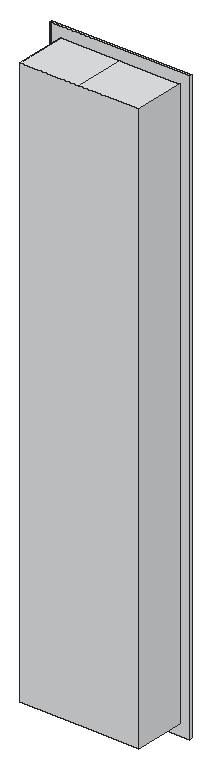
Revit family "24 L Stainless Steel Recessed Panel With Waste Bin_IN", category Generic Models, host Wall, Revit 2017
Family settings
  Host = Wall
  Can host rebar = No
  Round Connector Dimension = Use Diameter
  Part Type = Normal
  Always vertical = Yes
  Cut with Voids When Loaded = No
  Shared = No
  Room Calculation Point = No
Parameters (values of type "Type 1")
  Website = "https://dolphy.in/"  # constant formula
  Contact number = "+91 9520202035"  # constant formula
  Contact email = "info@dolphy.in"  # constant formula
  Company name = "Dolphy India"  # constant formula
Reference planes
  plane 1 "Wall": y = 0
  plane 2 "Center (Left/Right)": x = 125
  plane 3 "Back": y = 75
Forms (mm)
  Extrusion 1, void
    sketch origin (0, 0, 0) x (1, 0, 0) y (0, 0, 1)
      loop
        line (265, 1375) -> (-15, 1375) -> (-15, 25) -> (265, 25) -> (265, 1375)
    from -75 to 45
Text (mm)
  text "Placement Side" at (-1848.837, 1116.779, 0), in view "Ref. Level"
  text "Placement side" at (0, 1409.804, 2854.306), in view "Left"
  text "Placement side" at (0, 499.811, 2980.732), in view "Right"
Dimensions and locks
  locked: plane 3 "Back" to host wall
  aligned and locked: plane 1 "Wall" to host wall
  aligned and locked: nested 1 to plane 2 "Center (Left/Right)"
  aligned and locked: nested 1 to plane 3 "Back"
  aligned and locked: host wall to Extrusion 1
  aligned and locked: nested 1 to Extrusion 1  (x2)
  aligned and locked: Extrusion 1 to nested 1  (x3)
Nested families
  nested 1: "24 L Stainless Steel Recessed Panel With Waste Bin_IN" at (125, 75, 0) x (-1, 0, 0) z (0, 0, 1), type "24 L Stainless Steel Recessed Panel With Waste Bin_IN"
Definition of nested family "24 L Stainless Steel Recessed Panel With Waste Bin_IN"
  Parameters (values of type "24 L Stainless Steel Recessed Panel With Waste Bin_IN")
    Website = "https://dolphy.in/"  # constant formula
    M&L = none
    Contact number = "+91 9520202035"  # constant formula
    Contact emai = "info@dolphy.in"  # constant formula
    Company name = "Dolphy India"  # constant formula
  Reference planes
    plane 1 "Center (Front/Back)": y = 0
    plane 2: z = 0
    plane 3 "Center (Left/Right)": x = 0
  Forms (mm)
    Extrusion 1, solid, material <- "M&L"
      sketch origin (0, 0, 0) x (1, 0, 0) y (0, 1, 0)
        loop
          line (-165, -5.306) -> (0, -5.306) -> (165, -5.306) -> (165, -4) -> (0, -4) -> (-165, -4) -> (-165, -5.306)
      from 0 to 1400
    Extrusion 2, solid, material <- "M&L"
      sketch origin (0, 0, 0) x (1, 0, 0) y (0, 1, 0)
        loop
          line (-165, -4) -> (-163.776, -4) -> (-163.776, 0) -> (-165, 0) -> (-165, -4)
        loop
          line (165, -4) -> (165, 0) -> (163.776, 0) -> (163.776, -4) -> (165, -4)
      from 0 to 1400
    Extrusion 3, solid, material <- "M&L"
      sketch origin (165, 0, 0) x (-1, 0, 0) y (0, 0, 1)
        loop
          line (0, 0) -> (330, 0) -> (330, 1400) -> (0, 1400) -> (0, 0)
        loop
          line (25, 1375) -> (25, 25) -> (165, 25) -> (305, 25) -> (305, 1375) -> (165, 1375) -> (25, 1375)
      from 0 to -1.2
    Extrusion 4, void
      sketch origin (121.908, -5.306, 0) x (1, 0, 0) y (0, 0, -1)
        loop
          line (-121.908, -924.2) -> (3.092, -924.2)
          arc (3.092, -924.2) -> (13.699, -919.807) -> (18.092, -909.2) r 15
          line (18.092, -909.2) -> (18.092, -619.2)
          arc (18.092, -619.2) -> (13.699, -608.593) -> (3.092, -604.2) r 15
          line (3.092, -604.2) -> (-121.908, -604.2) -> (-246.908, -604.2)
          arc (-246.908, -604.2) -> (-257.515, -608.593) -> (-261.908, -619.2) r 15
          line (-261.908, -619.2) -> (-261.908, -909.2)
          arc (-261.908, -909.2) -> (-257.515, -919.807) -> (-246.908, -924.2) r 15
          line (-246.908, -924.2) -> (-121.908, -924.2)
      from 0 to 250
    Extrusion 5, solid, material <- "M&L"
      sketch origin (-121.908, -4, 0) x (1, 0, 0) y (0, 0, -1)
        loop
          line (259.314, -604.2) -> (259.314, -28.969) -> (-15.817, -28.969) -> (-15.817, -604.2) -> (259.314, -604.2)
        loop
          line (258.514, -30) -> (-15.003, -30) -> (-15.003, -603.322) -> (258.514, -603.322) -> (258.514, -30)
      from 0.4 to 100
    Sweep 6, solid, material <- "M&L"
      path in 3D
        loop
          line (138.798, -4, 924.2) -> (0, -4, 924.2) -> (-138.508, -4, 924.2)
      profile origin (69.399, -4, 924.2) x (0, 1, 0) y (0, 0, -1)
        loop
          line (0, 0) -> (0.4, -0.693) -> (116.761, 66.488) -> (116.361, 67.181) -> (0, 0)
    Extrusion 7, void
      sketch origin (138.798, -4, 924.2) x (1, 0, 0) y (0, 0.866025, -0.5)
        loop
          arc (-242.972, 77.181) -> (-252.972, 67.181) -> (-242.972, 57.181) r 10
          line (-242.972, 57.181) -> (-187.969, 57.181)
          spline (-187.969, 57.181) -> (-182.659, 56.171) -> (-178.378, 55.084) -> (-174.92, 53.914) -> (-172.08, 52.654) -> (-169.654, 51.297) -> (-167.434, 49.837) -> (-165.22, 48.287) -> (-162.82, 46.764) -> (-160.052, 45.426) -> (-156.731, 44.43) -> (-152.673, 43.934) -> (-147.694, 44.095)
          spline (-147.694, 44.095) -> (-142.714, 43.934) -> (-138.656, 44.43) -> (-135.335, 45.426) -> (-132.567, 46.764) -> (-130.168, 48.287) -> (-127.953, 49.837) -> (-125.734, 51.297) -> (-123.307, 52.654) -> (-120.468, 53.914) -> (-117.01, 55.084) -> (-112.729, 56.171) -> (-107.419, 57.181)
          line (-107.419, 57.181) -> (-52.493, 57.181)
          arc (-52.493, 57.181) -> (-42.493, 67.181) -> (-52.493, 77.181) r 10
          line (-52.493, 77.181) -> (-107.419, 77.181)
          spline (-107.419, 77.181) -> (-112.729, 78.191) -> (-117.01, 79.278) -> (-120.468, 80.448) -> (-123.307, 81.709) -> (-125.734, 83.065) -> (-127.953, 84.525) -> (-130.168, 86.076) -> (-132.567, 87.598) -> (-135.335, 88.936) -> (-138.656, 89.932) -> (-142.714, 90.428) -> (-147.694, 90.267)
          spline (-147.694, 90.267) -> (-152.673, 90.428) -> (-156.731, 89.932) -> (-160.052, 88.936) -> (-162.82, 87.598) -> (-165.22, 86.076) -> (-167.434, 84.525) -> (-169.654, 83.065) -> (-172.08, 81.709) -> (-174.92, 80.448) -> (-178.378, 79.278) -> (-182.659, 78.191) -> (-187.969, 77.181)
          line (-187.969, 77.181) -> (-242.972, 77.181)
      from 0 to 32.531
    Extrusion 8, solid, material <- "M&L"
      sketch origin (165, 0, 0) x (-1, 0, 0) y (0, 0, 1)
        loop
          line (25, 25) -> (165, 25) -> (305, 25) -> (305, 1375) -> (165, 1375) -> (25, 1375) -> (25, 25)
        loop
          line (25.8, 25.8) -> (165, 25.8) -> (304.2, 25.8) -> (304.2, 1374.2) -> (165, 1374.2) -> (25.8, 1374.2) -> (25.8, 25.8)
      from 0 to 120
    Extrusion 9, solid, material <- "M&L"
      sketch origin (0, 0, 1400) x (1, 0, 0) y (0, 1, 0)
        loop
          line (-163.776, -1.2) -> (-163.776, -4) -> (0, -4) -> (163.776, -4) -> (163.776, -1.2) -> (-163.776, -1.2)
      from 0 to -0.8
    Extrusion 10, solid, material <- "M&L"
      sketch origin (0, 0, 0) x (0, 1, 0) y (1, 0, 0)
        loop
          line (-1.2, -163.776) -> (-1.2, 163.776) -> (-4, 163.776) -> (-4, 0) -> (-4, -163.776) -> (-1.2, -163.776)
      from 0 to -0.8
    Extrusion 11, void
      sketch origin (137.406, -4, 604.2) x (0, -1, 0) y (-1, 0, 0)
        loop
          line (-15.4, 15) -> (-15.4, 260.13) -> (-85, 260.13) -> (-85, 15) -> (-15.4, 15)
      from 0 to 250
    Extrusion 12, solid, material <- "M&L"
      sketch origin (165, 120, 0) x (-1, 0, 0) y (0, 0, 1)
        loop
          line (25.8, 1374.2) -> (25.8, 25.8) -> (165, 25.8) -> (304.2, 25.8) -> (304.2, 1374.2) -> (165, 1374.2) -> (25.8, 1374.2)
      from 0 to -0.8
  Cuts and joins
    Extrusion 4 cuts Extrusion 1
    joined: Extrusion 1, Extrusion 2, Extrusion 3, Extrusion 9, Extrusion 10
    Extrusion 7 cuts Sweep 6
    Extrusion 11 cuts Extrusion 5
    joined: Extrusion 8, Extrusion 12
  Lines and regions (mm)
    sketch lines
      curve 1: line (138.798, -4, 924.2) -> (0, -4, 924.2)
      curve 2: line (0, -4, 924.2) -> (-138.508, -4, 924.2)
  Dimensions and locks
    Extrusion 1 sketch curve to Extrusion 1 sketch curve to plane 1 "Center (Front/Back)" = 1.306 mm, 4 mm
    Extrusion 1 sketch curve to plane 3 "Center (Left/Right)" = 165 mm
    Extrusion 2 to Extrusion 3 sketch curve = 25 mm  (x2)
    Extrusion 3 sketch curve to cut or joined group of Extrusion 1, Extrusion 2, Extrusion 3, Extrusion 4, Extrusion 9, Extrusion 10 = 25 mm
    cut or joined group of Extrusion 1, Extrusion 2, Extrusion 3, Extrusion 4, Extrusion 9, Extrusion 10 to Extrusion 3 sketch curve = 25 mm
    Extrusion 8 to Extrusion 8 = 280 mm
    Extrusion 2 to Extrusion 2 = 330 mm
    Extrusion 3 to Extrusion 8 = 120 mm
    Extrusion 8 to Extrusion 8 = 1350 mm
    Extrusion 2 to cut or joined group of Extrusion 1, Extrusion 2, Extrusion 3, Extrusion 4, Extrusion 9, Extrusion 10 = 1400 mm
    angle profile plane to Sweep 6 sketch curve = 30.00°
    aligned and locked: level to plane 2
